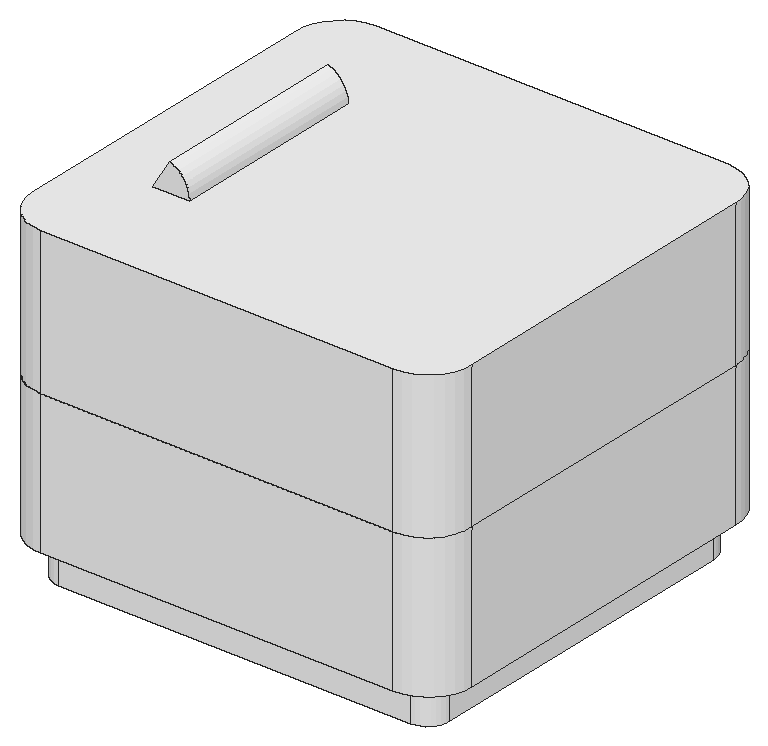
Revit family "Gira_267730", category Electrical Fixtures, host Face, Revit 2017
Family settings
  Host = Face
  Maintain Annotation Orientation = Yes
  Round Connector Dimension = Use Diameter
  Part Type = Normal
  Cut with Voids When Loaded = No
  Shared = No
  Room Calculation Point = No
Parameters (values of type "FI-Schutzsteckd. 30 mA KD + SH WG AP Reinweiß")
  Überspannungsschutz = "No"
  Werkstoffgüte = "sonstige"
  Werkstoff = "sonstige"
  Verdrehter Zentraleinsatz = "No"
  URL = "http://katalog.gira.de/de_DE/datenblatt.html?artikelnr=267730"
  Transparent = "No"
  Textfeld/Beschriftungsfläche = "No"
  Sonderstromversorgung = "ohne Sonderstromversorgung"
  Schutzleiterkontakt rund = "No"
  Schutzkontakt = "Yes"
  Region = "DE"
  Oberfläche = "sonstige"
  Nennstrom = "16 Ampere"
  Nennspannung = "230 Volt"
  Name = "FI-Schutzsteckd. 30 mA KD + SH WG AP Reinweiß"
  Montageart = "auf Putz"
  Mit erhöhtem Berührungsschutz = "Yes"
  Mit eingebauter USB-Spannungsversorgung = "No"
  Mit Signallampe = "Yes"
  Mit Orientierungsbeleuchtung = "No"
  Mit Klappdeckel = "No"
  Mit Funktionsbeleuchtung = "No"
  Mit Feinsicherung = "No"
  Mit Ein-/Ausschalter = "No"
  Mit Durchschleiffunktion = "No"
  Manufacturer URL = "https://www.gira.de/"
  Keynote = "IP44_Komplettgerät_Steckdose"
  Isolierter Einbau = "No"
  HeinzeBIM = "https://bimportal.heinze.de/bim/fi-schutzsteckd-30-ma-kd-sh-wg-ap-reinweiss/9ecc27c1969cc6a7678420b9532aa59f3770a873"
  Halogenfrei = "Yes"
  HAN = "267730"
  Geeignet für Schutzart (IP) = "IP44"
  GTIN = "4010337028925"
  Für "erschwerte Bedingungen" (nach VDE) = "No"
  Frequenz = "50 - 60"
  Fehlerstromschutz = "Yes"
  Farbe = "weiß"
  Default Elevation = 1219.2 mm
  Data sheet (1) = "https://katalog.gira.de/de_DE/download.html?artikelnr=267730"
  Category = "Steckdose"
  Bemessungsfehlerstrom = "0,03 Ampere"
  Befestigungsart = "Krallen-/Schraubbefestigung"
  Available = "Yes"
  Auswurfmechanismus = "No"
  Ausführung = "sonstige"
  Aufdruck/Kennzeichnung = "ohne Aufdruck"
  Anzahl der Steckdosen schaltbar = "0 "
  Anzahl der Module (bei Modulbauweise) = "1 "
  Anzahl der Einheiten = "1 "
  Antibakterielle Behandlung = "No"
  Anschlussart = "Steckklemme"
  Abschließbar = "No"
Reference planes
  plane 1 "Center (Front/Back)": y = 0
  plane 2: z = 0
  plane 3 "Center (Left/Right)": x = 0
Forms (mm)
  Extrusion 1, solid, material "White", detail levels fine
    sketch origin (41, 0, 0) x (1, 0, 0) y (0, 1, 0)
      loop
        line (-9, 38) -> (-73, 38)
        arc (-73, 38) -> (-78.657, 35.657) -> (-81, 30) r 8
        line (-81, 30) -> (-81, -30)
        arc (-81, -30) -> (-78.657, -35.657) -> (-73, -38) r 8
        line (-73, -38) -> (-9, -38)
        arc (-9, -38) -> (-3.343, -35.657) -> (-1, -30) r 8
        line (-1, -30) -> (-1, 30)
        arc (-1, 30) -> (-3.343, 35.657) -> (-9, 38) r 8
    from 0 to 26
  Extrusion 2, solid, material "White", detail levels fine
    sketch origin (41, 0, 0) x (1, 0, 0) y (0, 1, 0)
      loop
        line (-9, 38) -> (-73, 38)
        arc (-73, 38) -> (-78.657, 35.657) -> (-81, 30) r 8
        line (-81, 30) -> (-81, -30)
        arc (-81, -30) -> (-78.657, -35.657) -> (-73, -38) r 8
        line (-73, -38) -> (-9, -38)
        arc (-9, -38) -> (-3.343, -35.657) -> (-1, -30) r 8
        line (-1, -30) -> (-1, 30)
        arc (-1, 30) -> (-3.343, 35.657) -> (-9, 38) r 8
    from 26 to 52.5
  Extrusion 3, solid, material "White", detail levels fine
    sketch origin (41, 0, 0) x (1, 0, 0) y (0, 0, 1)
      loop
        line (-68.7, 52.5) -> (-62.067, 52.5)
        arc (-62.067, 52.5) -> (-63.019, 55.628) -> (-65.7, 57.5) r 5
        line (-65.7, 57.5) -> (-68.7, 52.5)
    from 18 to -18
  Extrusion 4, solid, material "White", detail levels medium
    sketch origin (41, -5.734, 0) x (1, 0, 0) y (0, 1, 0)
      loop
        line (-9, 43.734) -> (-73, 43.734)
        arc (-73, 43.734) -> (-78.657, 41.391) -> (-81, 35.734) r 8
        line (-81, 35.734) -> (-81, -24.266)
        arc (-81, -24.266) -> (-78.657, -29.923) -> (-73, -32.266) r 8
        line (-73, -32.266) -> (-9, -32.266)
        arc (-9, -32.266) -> (-3.343, -29.923) -> (-1, -24.266) r 8
        line (-1, -24.266) -> (-1, 35.734)
        arc (-1, 35.734) -> (-3.343, 41.391) -> (-9, 43.734) r 8
    from 0 to 52.5
  Extrusion 5, solid, material "White", detail levels medium
    sketch origin (41, 0, 0) x (1, 0, 0) y (0, 0, 1)
      loop
        line (-68.7, 57.5) -> (-68.7, 52.5) -> (-62.067, 52.5) -> (-62.067, 57.5) -> (-68.7, 57.5)
    from -18 to 18
  Extrusion 6, solid, material "White", detail levels coarse
    sketch origin (41, 0, 0) x (1, 0, 0) y (0, 1, 0)
      loop
        line (-1, 38) -> (-81, 38) -> (-81, -38) -> (-1, -38) -> (-1, 38)
    from -7 to 57.5
  Extrusion 7, solid, material "White", detail levels medium+fine
    sketch origin (41, 0, 0) x (1, 0, 0) y (0, 1, 0)
      loop
        line (-9, 34) -> (-73, 34)
        arc (-73, 34) -> (-75.828, 32.828) -> (-77, 30) r 4
        line (-77, 30) -> (-77, -30)
        arc (-77, -30) -> (-75.828, -32.828) -> (-73, -34) r 4
        line (-73, -34) -> (-9, -34)
        arc (-9, -34) -> (-6.172, -32.828) -> (-5, -30) r 4
        line (-5, -30) -> (-5, 30)
        arc (-5, 30) -> (-6.172, 32.828) -> (-9, 34) r 4
    from 0 to -7
Dimensions and locks
  Extrusion 6 to plane 3 "Center (Left/Right)" to Extrusion 6 = 40 mm, 40 mm
  aligned and locked: plane 2 to host face
  aligned and locked: level to host face
  aligned and locked: plane 3 "Center (Left/Right)" to nested 1
  aligned and locked: plane 1 "Center (Front/Back)" to nested 1
Nested families
  nested 1: "Steckdose 1-fach Beschriftung" at (0, 0, 0), type "Steckdose 1-fach Beschriftung"
Connectors
  electrical at (0, 0, -7)
    settings: on Extrusion 7, index 1, voltage 220 V, apparent load 0 VA, apparent load phase1 0 VA, apparent load phase2 0 VA, apparent load phase3 0 VA, power factor 1, load classification "Other", number of poles 1, system type 31, power factor state 1, is connector primary yes, connector utility no, sub classification motor no, connector description ""
Definition of nested family "Steckdose 1-fach Beschriftung"
  Reference planes
    plane 1: y = 0
    plane 2: x = 0
  Lines and regions (mm)
    detail lines
      curve 1: line (0, 0, 0) -> (0, 2, 0)
      curve 3: line (0, 2, 0) -> (-1, 2, 0)
      curve 4: arc (1, 3, 0) -> (0, 2, 0) -> (-1, 3, 0) r 1
      curve 5: line (0, 2, 0) -> (1, 2, 0)
    reference lines
      curve 2: line (-0.485, 3, 0) -> (2.315, 3, 0)
  Dimensions and locks
    curve 1 to curve 1 = 2 mm
    plane 1 to curve 2 = 3 mm
    curve 3 to curve 3 = 1 mm
